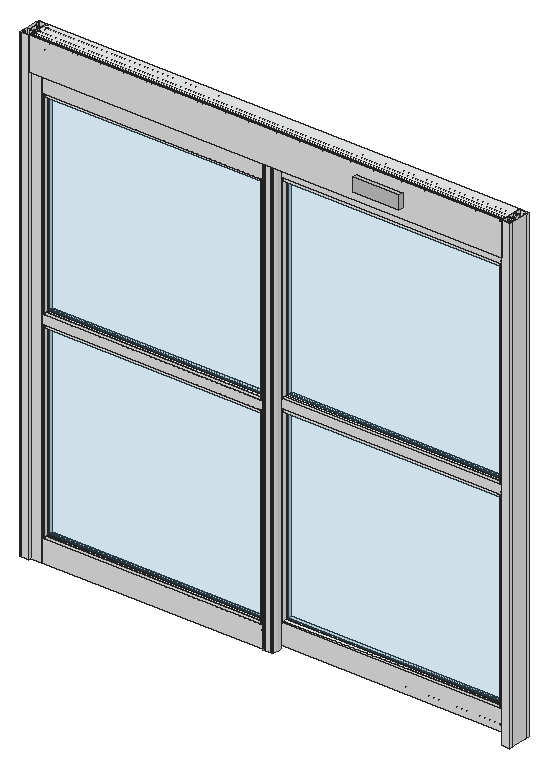
Revit family "2-5-1_Sliding-Door_TX9200SL_Single-RH-Outside-Slide-SX-O_Tormax", category Doors, host Wall, Revit 2026
Family settings
  Host = Wall
  Classification Number = 23.30.10.00
  Always vertical = Yes
  Cut with Voids When Loaded = No
  Shared = No
  Room Calculation Point = No
Parameters (values of type "8'-0" Package Width")
  Width = 96"
  URL = "https://www.tormaxusa.com"
  Thickness = 4 1/2"  # constant formula
  Specification = "https://www.arcat.com/company/tormax-usa-inc-43969/spec"
  Rough Width = Width + 1/2"  # 96 1/2"
  Rough Height = Height + 1/4"  # 92 1/4"
  Product Page URL = "https://www.arcat.com/arcatcos/cos43/arc43969.html"
  Model = "TX9200SL"
  Manufacturer = "Tormax"
  Keynote = "08 42 29"
  Height = 92"  # constant formula
  Glass = Glass - Tormax
  Frame Projection Ext. = 0"
  Frame Projection Int. = 0"
  Frame Width = 0"
  Wall Closure = By host
  Door Width = Width / 2 - 1 3/4" + 1 5/16"  # 47 9/16"
  Door Height = Height  # 92"
  Frame Material = Aluminum - Tormax
  Description = "Single RH Outside Slide Application (SX-O), 8'-0\" Package Width"
  Define Thermal Properties by = Schematic Type
  Copyright = "ARCAT"
  CAD Details = "https://www.arcat.com/company/tormax-usa-inc-43969/cad"
  Analytic Construction = "<None>"
Reference planes (in)
  plane 1 "Center (Front/Back)": y = 0
  plane 2 "Center (Left/Right)": x = 0
  plane 3 "Left": x = -48.25
  plane 4 "Right": x = 48.25
  plane 5 "Top": z = 92.25
  plane 6 "Exterior": y = 3
  plane 7 "Interior": y = -3
  plane 8: x = -1.3125
  plane 9: x = 1.3125
  plane 10: y = -2.25
  plane 11 "4": z = 85.5
  plane 12: x = -48
  plane 13: x = 48
  plane 14: z = 92
  plane 15: y = 2.25
  plane 16: x = -46.24908
  plane 17: x = 46.24908
  plane 18: y = 1.433
  plane 19: y = -0.84
  plane 20: x = 22.46829
Forms (in)
  Extrusion 1, solid, material "Plastic - Tormax - Grey"
    sketch origin (0, 0, 0) x (1, 0, 0) y (0, 0, 1)
      loop
        line (17.96829, 90.055) -> (17.96829, 87.445) -> (26.96829, 87.445) -> (26.96829, 90.055) -> (17.96829, 90.055)
    from 2.23457 to 3.23457
  Extrusion 2, solid, material "Plastic - Tormax - Grey"
    sketch origin (0, 0, 0) x (1, 0, 0) y (0, 0, 1)
      loop
        line (17.96829, 90.055) -> (17.96829, 87.445) -> (26.96829, 87.445) -> (26.96829, 90.055) -> (17.96829, 90.055)
    from -3.23036 to -2.23036
  Sweep 3, solid, material "Aluminum - Tormax" <- "Frame Material"
    path origin (0, 0, 0) x (1, 0, 0) y (0, 0, 1)
      loop
        line (-46.24908, 85.5) -> (46.24908, 85.5)
    profile origin (0, 0, 85.5) x (0, 0, 1) y (0, -1, 0)
      loop
        line (5.77619, -2.07466) -> (5.99221, -2.07466) -> (5.99221, -1.99751) -> (5.93513, -1.99751)
        arc (5.93513, -1.99751) -> (5.89217, -1.97971) -> (5.87438, -1.93675) r 0.06075
        line (5.87438, -1.93675) -> (5.87438, -1.35631) -> (6.14932, -1.35631) -> (6.14932, -1.4827) -> (6.22817, -1.4827)
        arc (6.22817, -1.4827) -> (6.39719, -1.79317) -> (6.34244, -2.14241) r 0.55026
        line (6.34244, -2.14241) -> (6.29099, -2.1562) -> (6.29099, -1.87738) -> (5.93246, -1.87738)
        arc (5.93246, -1.87738) -> (5.88314, -1.9267) -> (5.93246, -1.97602) r 0.04932
        line (5.93246, -1.97602) -> (6.03008, -1.97602) -> (6.03008, -2.10552) -> (0.40539, -2.10552) -> (0.40539, -1.68048) -> (0.28141, -1.68048) -> (0.28141, -2.23036) -> (6.5, -2.23036) -> (6.5, 1.72592) -> (6.37515, 1.85076) -> (6.37515, 2.08622)
        arc (6.37515, 2.08622) -> (6.39129, 2.10725) -> (6.41577, 2.09711) r 0.02177
        line (6.41577, 2.09711) -> (6.47243, 1.99896)
        arc (6.47243, 1.99896) -> (6.48905, 1.99208) -> (6.5, 2.00635) r 0.01477
        line (6.5, 2.00635) -> (6.5, 2.23457) -> (0, 2.23457) -> (0, -0.04489) -> (-0.21462, -0.04489) -> (-0.21462, -0.08837) -> (-0.15431, -0.08837) -> (-0.15431, -0.15851) -> (-0.48395, -0.15851) -> (-0.48395, -0.08837) -> (-0.42504, -0.08837) -> (-0.42504, -0.04489) -> (-0.62422, -0.04489) -> (-0.62422, -0.45028) -> (-0.42504, -0.45028) -> (-0.42504, -0.4068) -> (-0.48395, -0.4068) -> (-0.48395, -0.33666) -> (-0.15431, -0.33666) -> (-0.15431, -0.4068) -> (-0.21462, -0.4068) -> (-0.21462, -0.45028) -> (-0.01964, -0.45028) -> (-0.01964, -0.28897) -> (0.23145, -0.28897) -> (0.23145, -0.84785) -> (0.34867, -1.03258)
        arc (0.34867, -1.03258) -> (0.36443, -1.03854) -> (0.37455, -1.02507) r 0.01403
        line (0.37455, -1.02507) -> (0.37455, -0.21669)
        arc (0.37455, -0.21669) -> (0.40392, -0.14579) -> (0.47481, -0.11643) r 0.10026
        line (0.47481, -0.11643) -> (0.59196, -0.11643) -> (0.59196, -0.23145) -> (0.89635, -0.23145) -> (0.89635, -0.1529) -> (0.76309, -0.1529) -> (0.76309, -0.01262) -> (0.8697, -0.01262) -> (0.8697, 0.06867) -> (1.19934, 0.06867) -> (1.19934, -0.01262) -> (1.30595, -0.01262) -> (1.30595, -0.1529) -> (1.17269, -0.1529) -> (1.17269, -0.23145) -> (1.36206, -0.23145) -> (1.43332, -0.07864)
        arc (1.43332, -0.07864) -> (1.6158, 0.06179) -> (1.83569, -0.00654) r 0.25
        line (1.83569, -0.00654) -> (1.96422, -0.13365)
        arc (1.96422, -0.13365) -> (1.99627, -0.15695) -> (2.0338, -0.16963) r 0.13141
        line (2.0338, -0.16963) -> (2.11423, -0.18382)
        arc (2.11423, -0.18382) -> (2.2005, -0.23362) -> (2.23457, -0.32723) r 0.14562
        line (2.23457, -0.32723) -> (2.23457, -0.9202) -> (2.38466, -0.9202) -> (2.38466, 0.06733) -> (2.28156, 0.17043) -> (2.22615, 0.11502) -> (2.32086, 0.02032) -> (2.22127, -0.07928) -> (2.14619, -0.00421) -> (2.08868, -0.06172) -> (1.85512, 0.17184) -> (1.91264, 0.22935) -> (1.83689, 0.3051) -> (1.93648, 0.40469) -> (2.03117, 0.31001) -> (2.08658, 0.36541) -> (1.83128, 0.62071) -> (1.9456, 0.73504) -> (1.9456, 1.35354) -> (1.75483, 1.53331) -> (1.75483, 2.06344) -> (5.84651, 2.06344)
        arc (5.84651, 2.06344) -> (5.93664, 2.02611) -> (5.97397, 1.93598) r 0.12746
        line (5.97397, 1.93598) -> (5.97397, 1.7394) -> (6.05393, 1.7394) -> (6.05393, 1.87407) -> (6.1928, 1.87407) -> (6.1928, 1.76475) -> (6.24189, 1.76475) -> (6.24189, 1.43623) -> (6.1928, 1.43623) -> (6.1928, 1.3298) -> (6.05393, 1.3298) -> (6.05393, 1.46306) -> (5.97397, 1.46306) -> (5.97397, 1.25125) -> (6.27276, 1.25125) -> (6.27276, 1.32981)
        arc (6.27276, 1.32981) -> (6.30151, 1.35856) -> (6.33027, 1.32981) r 0.02876
        line (6.33027, 1.32981) -> (6.33027, 0.99434)
        arc (6.33027, 0.99434) -> (6.30151, 0.96559) -> (6.27276, 0.99434) r 0.02876
        line (6.27276, 0.99434) -> (6.27276, 1.0731) -> (5.97397, 1.0731) -> (5.97397, 0.85988) -> (6.05393, 0.85988) -> (6.05393, 0.99314) -> (6.1928, 0.99314) -> (6.1928, 0.88653) -> (6.33027, 0.88653) -> (6.33027, 0.55689) -> (6.1928, 0.55689) -> (6.1928, 0.45028) -> (6.05393, 0.45028) -> (6.05393, 0.58354) -> (5.97397, 0.58354) -> (5.97397, 0.37032) -> (6.27276, 0.37032) -> (6.27276, 0.44908)
        arc (6.27276, 0.44908) -> (6.30151, 0.47783) -> (6.33027, 0.44908) r 0.02876
        line (6.33027, 0.44908) -> (6.33027, 0.11503)
        arc (6.33027, 0.11503) -> (6.30151, 0.08627) -> (6.27276, 0.11503) r 0.02876
        line (6.27276, 0.11503) -> (6.27276, 0.19378) -> (5.97397, 0.19378) -> (5.97397, -0.01944) -> (6.05393, -0.01944) -> (6.05393, 0.11382) -> (6.1928, 0.11382) -> (6.1928, 0.00721) -> (6.33027, 0.00721) -> (6.33027, -0.32403) -> (6.1928, -0.32403) -> (6.1928, -0.42995) -> (6.05393, -0.42995) -> (6.05393, -0.29669) -> (5.97397, -0.29669) -> (5.97397, -0.53164) -> (6.03429, -0.53164) -> (6.03429, -0.64246) -> (6.11284, -0.64246) -> (6.11284, -0.53164) -> (6.25171, -0.53164) -> (6.25171, -1.15867) -> (6.06795, -1.15867) -> (6.03942, -1.11939) -> (5.97397, -1.11939) -> (5.97397, -1.1664)
        arc (5.97397, -1.1664) -> (5.95775, -1.20557) -> (5.91858, -1.22179) r 0.05539
        line (5.91858, -1.22179) -> (5.77619, -1.22179) -> (5.77619, -2.07466)
      loop
        line (0.07995, 1.86565) -> (0.07995, 0.39978) -> (0.26091, 0.39978) -> (0.26091, 0.28335) -> (0.3058, 0.2539) -> (0.3058, 0.03421) -> (0.47711, 0.03365) -> (0.7408, 0.21838) -> (1.4982, 0.21838) -> (1.69036, 0.25479) -> (1.69036, 0.66367) -> (1.33962, 0.66367) -> (1.33962, 0.89776) -> (1.41957, 0.89776) -> (1.41957, 0.76309) -> (1.55985, 0.76309) -> (1.55985, 0.8711) -> (1.75062, 0.8711) -> (1.75062, 1.20075) -> (1.55985, 1.20075) -> (1.55985, 1.30735) -> (1.41957, 1.30735) -> (1.41957, 1.17409) -> (1.33962, 1.17409) -> (1.33962, 1.38773) -> (1.5851, 1.38773) -> (1.5851, 2.06344) -> (0.30619, 2.06344) -> (0.30619, 1.97106) -> (0.26091, 1.94734) -> (0.26091, 1.86565) -> (0.07995, 1.86565)
      loop
        line (0.00561, -2.10973) -> (0.00561, -1.55985) -> (2.37204, -1.55985)
        arc (2.37204, -1.55985) -> (2.41952, -1.67959) -> (2.53701, -1.73239) r 0.17128
        line (2.53701, -1.73239) -> (2.78024, -1.73239) -> (2.78024, -1.49813) -> (2.70028, -1.49813) -> (2.70028, -1.63279) -> (2.56141, -1.63279) -> (2.56141, -1.52478) -> (2.46883, -1.52478) -> (2.46883, -1.19514) -> (2.56141, -1.19514) -> (2.56141, -1.08853) -> (2.70028, -1.08853) -> (2.70028, -1.22179) -> (2.78024, -1.22179) -> (2.78024, -0.98753) -> (2.53714, -0.98753)
        arc (2.53714, -0.98753) -> (2.41956, -1.04028) -> (2.37204, -1.16007) r 0.17128
        line (2.37204, -1.16007) -> (0.00631, -1.16007) -> (0.00631, -0.61019) -> (-0.98473, -0.61019) -> (-0.98473, -1.53213)
        arc (-0.98473, -1.53213) -> (-0.9181, -1.59876) -> (-0.85147, -1.53213) r 0.06663
        line (-0.85147, -1.53213) -> (-0.85147, -1.2004)
        arc (-0.85147, -1.2004) -> (-0.77362, -1.12255) -> (-0.69577, -1.2004) r 0.07785
        line (-0.69577, -1.2004) -> (-0.69577, -1.68329) -> (-0.67052, -1.92596) -> (-0.67052, -2.10973) -> (0.00561, -2.10973)
  Sweep 4, solid, material "Aluminum - Tormax" <- "Frame Material"
    path origin (0, 0, 0) x (1, 0, 0) y (0, 0, 1)
      loop
        line (-48, 92) -> (-48, 0)
    profile origin (-48, 0, 46) x (0, -1, 0) y (1, 0, 0)
      loop
        line (-2.25, 0) -> (-1.81515, 0) -> (-1.81515, 0.11322) -> (-1.69933, 0.11322)
        arc (-1.69933, 0.11322) -> (-1.69067, 0.15137) -> (-1.70596, 0.18738) r 0.06366
        line (-1.70596, 0.18738) -> (-1.81808, 0.18738)
        arc (-1.81808, 0.18738) -> (-1.86945, 0.1699) -> (-1.89951, 0.12472) r 0.08425
        line (-1.89951, 0.12472) -> (-2.12383, 0.12472) -> (-2.12383, 1.62444) -> (-1.01125, 1.62444)
        arc (-1.01125, 1.62444) -> (-0.97854, 1.4893) -> (-0.88136, 1.38986) r 0.2623
        line (-0.88136, 1.38986) -> (-0.88136, 0.87481)
        arc (-0.88136, 0.87481) -> (-0.81729, 0.72014) -> (-0.66261, 0.65607) r 0.21875
        line (-0.66261, 0.65607) -> (0.66817, 0.65607)
        arc (0.66817, 0.65607) -> (0.82039, 0.71912) -> (0.88344, 0.87134) r 0.21527
        line (0.88344, 0.87134) -> (0.88344, 1.39109)
        arc (0.88344, 1.39109) -> (0.97912, 1.49036) -> (1.01125, 1.62444) r 0.2623
        line (1.01125, 1.62444) -> (2.12383, 1.62444) -> (2.12383, 0.12472) -> (1.89951, 0.12472)
        arc (1.89951, 0.12472) -> (1.86945, 0.1699) -> (1.81808, 0.18738) r 0.08425
        line (1.81808, 0.18738) -> (1.71377, 0.18738)
        arc (1.71377, 0.18738) -> (1.69848, 0.15137) -> (1.70714, 0.11322) r 0.06366
        line (1.70714, 0.11322) -> (1.80734, 0.11322) -> (1.80734, 0) -> (2.25, 0) -> (2.25, 1.75092) -> (0.85905, 1.75092) -> (0.85905, 1.49159) -> (0.72205, 1.49159) -> (0.72205, 1.6564) -> (0.66591, 1.6564) -> (0.66591, 1.42631) -> (0.75855, 1.42631) -> (0.75855, 0.87892)
        arc (0.75855, 0.87892) -> (0.72992, 0.80981) -> (0.6608, 0.78118) r 0.09775
        line (0.6608, 0.78118) -> (-0.65544, 0.78118)
        arc (-0.65544, 0.78118) -> (-0.72688, 0.81077) -> (-0.75647, 0.88221) r 0.10104
        line (-0.75647, 0.88221) -> (-0.75647, 1.42631) -> (-0.65809, 1.42631) -> (-0.65809, 1.65835) -> (-0.72205, 1.65835) -> (-0.72205, 1.49159) -> (-0.85868, 1.49159) -> (-0.85868, 1.75092) -> (-2.25, 1.75092) -> (-2.25, 0)
      loop
        line (-1.77192, 0) -> (1.76565, 0) -> (1.76565, 0.07235) -> (1.60504, 0.07235) -> (1.60504, 0.18932) -> (1.6607, 0.18932) -> (1.59241, 0.37695)
        arc (1.59241, 0.37695) -> (1.54664, 0.39829) -> (1.52529, 0.35252) r 0.03571
        line (1.52529, 0.35252) -> (1.57291, 0.22167) -> (1.53738, 0.20277) -> (1.53738, 0.07235) -> (0.63819, 0.07235) -> (0.63819, 0.55414) -> (0.55418, 0.55414) -> (0.55418, 0.07235) -> (-1.53738, 0.07235) -> (-1.53738, 0.20277) -> (-1.57291, 0.22167) -> (-1.52529, 0.35252)
        arc (-1.52529, 0.35252) -> (-1.54664, 0.39829) -> (-1.59241, 0.37695) r 0.03571
        line (-1.59241, 0.37695) -> (-1.6607, 0.18932) -> (-1.60504, 0.18932) -> (-1.60504, 0.07235) -> (-1.77192, 0.07235) -> (-1.77192, 0)
      loop
        line (-0.57123, 1.42631) -> (-0.50727, 1.42631) -> (-0.50727, 1.69246) -> (0.50727, 1.69246) -> (0.50727, 1.42631) -> (0.57123, 1.42631) -> (0.57123, 1.69246) -> (0.72205, 1.69246) -> (0.72205, 1.75092) -> (-0.72205, 1.75092) -> (-0.72205, 1.69246) -> (-0.57123, 1.69246) -> (-0.57123, 1.42631)
  Sweep 5, solid, material "Aluminum - Tormax" <- "Frame Material"
    path origin (0, 0, 0) x (-1, 0, 0) y (0, 0, -1)
      loop
        line (-48, -92) -> (-48, 0)
    profile origin (48, 0, 46) x (0, -1, 0) y (1, 0, 0)
      loop
        line (-2.25, 0) -> (-2.25, -1.75092) -> (-0.85868, -1.75092) -> (-0.85868, -1.49159) -> (-0.72205, -1.49159) -> (-0.72205, -1.65835) -> (-0.65809, -1.65835) -> (-0.65809, -1.42631) -> (-0.75647, -1.42631) -> (-0.75647, -0.88221)
        arc (-0.75647, -0.88221) -> (-0.72688, -0.81077) -> (-0.65544, -0.78118) r 0.10104
        line (-0.65544, -0.78118) -> (0.6608, -0.78118)
        arc (0.6608, -0.78118) -> (0.72992, -0.80981) -> (0.75855, -0.87892) r 0.09775
        line (0.75855, -0.87892) -> (0.75855, -1.42631) -> (0.66591, -1.42631) -> (0.66591, -1.6564) -> (0.72205, -1.6564) -> (0.72205, -1.49159) -> (0.85905, -1.49159) -> (0.85905, -1.75092) -> (2.25, -1.75092) -> (2.25, 0) -> (1.80734, 0) -> (1.80734, -0.11322) -> (1.70714, -0.11322)
        arc (1.70714, -0.11322) -> (1.69848, -0.15137) -> (1.71377, -0.18738) r 0.06366
        line (1.71377, -0.18738) -> (1.81808, -0.18738)
        arc (1.81808, -0.18738) -> (1.86945, -0.1699) -> (1.89951, -0.12472) r 0.08425
        line (1.89951, -0.12472) -> (2.12383, -0.12472) -> (2.12383, -1.62444) -> (1.01125, -1.62444)
        arc (1.01125, -1.62444) -> (0.97912, -1.49036) -> (0.88344, -1.39109) r 0.2623
        line (0.88344, -1.39109) -> (0.88344, -0.87134)
        arc (0.88344, -0.87134) -> (0.82039, -0.71912) -> (0.66817, -0.65607) r 0.21527
        line (0.66817, -0.65607) -> (-0.66261, -0.65607)
        arc (-0.66261, -0.65607) -> (-0.81729, -0.72014) -> (-0.88136, -0.87481) r 0.21875
        line (-0.88136, -0.87481) -> (-0.88136, -1.38986)
        arc (-0.88136, -1.38986) -> (-0.97854, -1.4893) -> (-1.01125, -1.62444) r 0.2623
        line (-1.01125, -1.62444) -> (-2.12383, -1.62444) -> (-2.12383, -0.12472) -> (-1.89951, -0.12472)
        arc (-1.89951, -0.12472) -> (-1.86945, -0.1699) -> (-1.81808, -0.18738) r 0.08425
        line (-1.81808, -0.18738) -> (-1.70596, -0.18738)
        arc (-1.70596, -0.18738) -> (-1.69067, -0.15137) -> (-1.69933, -0.11322) r 0.06366
        line (-1.69933, -0.11322) -> (-1.81515, -0.11322) -> (-1.81515, 0) -> (-2.25, 0)
      loop
        line (-1.77192, 0) -> (-1.77192, -0.07235) -> (-1.60504, -0.07235) -> (-1.60504, -0.18932) -> (-1.6607, -0.18932) -> (-1.59241, -0.37695)
        arc (-1.59241, -0.37695) -> (-1.54664, -0.39829) -> (-1.52529, -0.35252) r 0.03571
        line (-1.52529, -0.35252) -> (-1.57291, -0.22167) -> (-1.53738, -0.20277) -> (-1.53738, -0.07235) -> (0.55418, -0.07235) -> (0.55418, -0.55414) -> (0.63819, -0.55414) -> (0.63819, -0.07235) -> (1.53738, -0.07235) -> (1.53738, -0.20277) -> (1.57291, -0.22167) -> (1.52529, -0.35252)
        arc (1.52529, -0.35252) -> (1.54664, -0.39829) -> (1.59241, -0.37695) r 0.03571
        line (1.59241, -0.37695) -> (1.6607, -0.18932) -> (1.60504, -0.18932) -> (1.60504, -0.07235) -> (1.76565, -0.07235) -> (1.76565, 0) -> (-1.77192, 0)
      loop
        line (-0.57123, -1.42631) -> (-0.57123, -1.69246) -> (-0.72205, -1.69246) -> (-0.72205, -1.75092) -> (0.72205, -1.75092) -> (0.72205, -1.69246) -> (0.57123, -1.69246) -> (0.57123, -1.42631) -> (0.50727, -1.42631) -> (0.50727, -1.69246) -> (-0.50727, -1.69246) -> (-0.50727, -1.42631) -> (-0.57123, -1.42631)
Lines and regions (in)
  Opening 1
    outline origin (-90, -3, 0) x (1, 0, 0) y (0, 0, 1)
      loop
        line (41.75, 0) -> (138.25, 0) -> (138.25, 92.25) -> (41.75, 92.25) -> (41.75, 0)
  symbolic lines
    curve 1: line (19.46829, 6.25114, 0) -> (20.76733, 7.00114, 0)
    curve 2: line (19.46829, 6.25114, 0) -> (20.76733, 5.50114, 0)
    curve 5: line (19.46829, 6.25114, 0) -> (22.46829, 6.25114, 0)
    curve 6: line (22.46829, 6.25114, 0) -> (25.46829, 6.25114, 0)
    curve 9: line (19.46829, 0, 48.75) -> (20.76733, 0, 49.5)
    curve 10: line (19.46829, 0, 48.75) -> (20.76733, 0, 48)
    curve 11: line (19.46829, 0, 48.75) -> (22.46829, 0, 48.75)
    curve 12: line (22.46829, 0, 48.75) -> (25.46829, 0, 48.75)
    curve 17: arc (-48.25, 2.25, 0) -> (-48.125, 2.20201, 0) -> (-48, 2.25, 0) r 0.1868
    curve 18: arc (-48.25, -2.25, 0) -> (-48.125, -2.20201, 0) -> (-48, -2.25, 0) r 0.1868
    curve 19: arc (48.25, 2.25, 0) -> (48.125, 2.20201, 0) -> (48, 2.25, 0) r 0.1868
    curve 20: arc (48.25, -2.25, 0) -> (48.125, -2.20201, 0) -> (48, -2.25, 0) r 0.1868
    curve 21: arc (0, -2.25, 92.25) -> (0, -2.20222, 92.125) -> (0, -2.25, 92) r 0.18739
    curve 22: arc (0, 2.25, 92.25) -> (0, 2.20222, 92.125) -> (0, 2.25, 92) r 0.18739
  symbolic lines, not visible
    curve 3: line (-27.55636, -4.55425, 0) -> (-26.25733, -3.80425, 0)
    curve 4: line (-27.55636, -4.55425, 0) -> (-26.25733, -5.30425, 0)
    curve 7: line (-27.55636, -4.55425, 0) -> (-24.55636, -4.55425, 0)
    curve 8: line (-24.55636, -4.55425, 0) -> (-21.55636, -4.55425, 0)
    curve 13: line (22.54055, 0, 51.7829) -> (23.83959, 0, 52.5329)
    curve 14: line (22.54055, 0, 51.7829) -> (23.83959, 0, 51.0329)
    curve 15: line (22.54055, 0, 51.7829) -> (25.54055, 0, 51.7829)
    curve 16: line (25.54055, 0, 51.7829) -> (28.54055, 0, 51.7829)
Text (in)
  text "Exterior" at (-113.21489, 18.10183, 0), in view "Ref. Level"
  text "Interior" at (-113.21489, -11.36704, 0), in view "Ref. Level"
  text "Exterior" at (0, 40.15149, 123.01588), in view "Right"
  text "Interior" at (0, -64.39139, 123.01588), in view "Right"
  text "Interior" at (0, -31.01599, 123.00693), in view "Left"
  text "Exterior" at (0, 54.57065, 123.00693), in view "Left"
Dimensions and locks (in)
  "Rough Height": host wall to plane 5 "Top"
  equal spacing: plane 3 "Left", plane 2 "Center (Left/Right)", plane 4 "Right"
  level to plane 5 "Top" = 92 1/4"
  "Rough Width": plane 3 "Left" to plane 4 "Right"
  equal spacing: plane 12, plane 2 "Center (Left/Right)", plane 13
  "Width": plane 12 to plane 13
  "Door Height": plane 14 to level
  plane 14 to plane 11 "4" = 6 1/2"
  plane 11 "4" to level = 85 1/2"
  locked: plane 12 to plane 16 at 1.75092
  locked: plane 17 to plane 13 at 1.75092
  equal spacing: plane 8, plane 2 "Center (Left/Right)", plane 9
  locked: plane 8 to plane 9 at 2.625
  plane 2 "Center (Left/Right)" to plane 9 = 1 5/16"
  locked: plane 10 to plane 19 at 1.41
  locked: plane 18 to plane 15 at 0.817
  locked: plane 15 to curve 6 at 4.00114
  Extrusion 1 sketch curve to plane 20 to Extrusion 1 sketch curve = 4 1/2" locked, 4 1/2" locked
  Extrusion 1 sketch curve to Extrusion 1 sketch curve to plane 11 "4" = 2.61" locked, 1.945" locked
  equal spacing: plane 8, plane 20, plane 17
  Extrusion 2 sketch curve to Extrusion 2 sketch curve = 9"
  locked: Extrusion 2 sketch curve to Extrusion 2 sketch curve at 2.61
  Extrusion 1 to plane 10 = 0.98457"
  plane 15 to Extrusion 2 = 0.98036"
  locked: Extrusion 1 to plane 10 at 0.98457
  locked: plane 15 to Extrusion 2 at 0.98036
  aligned and locked: Opening 1 sketch curve to level
  aligned and locked: plane 6 "Exterior" to host wall
  aligned and locked: plane 7 "Interior" to host wall
  aligned and locked: Opening 1 sketch curve to plane 3 "Left"
  aligned and locked: Opening 1 sketch curve to plane 4 "Right"
  aligned and locked: plane 5 "Top" to Opening 1 sketch curve
  aligned and locked: nested 1 to plane 16
  aligned and locked: nested 2 to plane 8
  aligned and locked: plane 3 "Left" to curve 17
  aligned and locked: plane 15 to curve 17  (x2)
  aligned and locked: plane 12 to curve 17
  aligned and locked: plane 10 to curve 18  (x2)
  aligned and locked: plane 12 to curve 18
  aligned and locked: plane 3 "Left" to curve 18
  aligned and locked: plane 13 to curve 19
  aligned and locked: plane 4 "Right" to curve 19
  aligned and locked: plane 15 to curve 19  (x2)
  aligned and locked: plane 10 to curve 20  (x2)
  aligned and locked: plane 13 to curve 20
  aligned and locked: plane 4 "Right" to curve 20
  aligned and locked: plane 5 "Top" to curve 21
  aligned and locked: plane 14 to curve 21
  aligned and locked: plane 10 to curve 21  (x2)
  aligned and locked: plane 5 "Top" to curve 22
  aligned and locked: plane 15 to curve 22  (x2)
  aligned and locked: plane 14 to curve 22
  aligned and locked: plane 20 to curve 12
  aligned and locked: plane 20 to curve 6
  aligned and locked: plane 14 to Sweep 3 sketch curve
  aligned and locked: plane 11 "4" to Sweep 3 sketch curve
  aligned and locked: Sweep 4 sketch curve to plane 16  (x3)
  aligned and locked: plane 12 to Sweep 4 sketch curve  (x3)
  aligned and locked: plane 13 to Sweep 5 sketch curve  (x3)
  aligned and locked: plane 17 to Sweep 5 sketch curve  (x3)
  aligned and locked: plane 10 to Sweep 5 sketch curve
  aligned and locked: Sweep 5 sketch curve to plane 15
  aligned and locked: plane 15 to Sweep 4 sketch curve
  aligned and locked: Sweep 4 sketch curve to plane 10
  aligned and locked: Sweep 5 sketch curve to plane 13
  aligned and locked: plane 14 to Sweep 5 sketch curve
Automatic sketch dimensions
  curve 1 to curve 2 = 0"
  curve 2 to curve 5 = 1.70096"
  curve 2 to curve 1 = 1 1/2"
  curve 1 to curve 6 = 3"
  curve 5 to curve 6 = 3"
  curve 2 to curve 1 = 3/4"
  curve 3 to curve 4 = 0"
  curve 4 to curve 7 = 1.70096"
  curve 4 to curve 3 = 1 1/2"
  curve 3 to curve 8 = 3"
  curve 7 to curve 8 = 3"
  curve 4 to curve 3 = 3/4"
  plane 10 to curve 18 = 0.13881"
  plane 10 to curve 20 = 0.13881"
  curve 19 to plane 15 = 0.13881"
  curve 17 to plane 15 = 0.13881"
  plane 10 to curve 21 = 0.1396"
  curve 22 to plane 15 = 0.1396"
  Extrusion 2 sketch curve to plane 11 "4" = 1.945"
  plane 20 to Extrusion 2 sketch curve = 4 1/2"
  Sweep 3 sketch curve to plane 11 "4" = 0"
  Sweep 3 sketch curve to plane 16 = 0"
  plane 17 to Sweep 3 sketch curve = 0"
  profile plane to Sweep 3 sketch curve = 0.01964"
  profile plane to Sweep 3 sketch curve = 0.15431"
  Sweep 3 sketch curve to Sweep 3 sketch curve = 0.13466"  (x3)
  Sweep 3 sketch curve to Sweep 3 sketch curve = 0.06032"  (x3)
  Sweep 3 sketch curve to plane 1 "Center (Front/Back)" = 0.08837"
  Sweep 3 sketch curve to Sweep 3 sketch curve = 0.21041"  (x2)
  Sweep 3 sketch curve to Sweep 3 sketch curve = 0.05891"  (x2)
  Sweep 3 sketch curve to plane 1 "Center (Front/Back)" = 0.04489"  (x2)
  Sweep 3 sketch curve to Sweep 3 sketch curve = 0.14027"  (x2)
  profile plane to Sweep 3 sketch curve = 0.67052"
  Sweep 3 sketch curve to Sweep 3 sketch curve = 0.02525"  (x2)
  Sweep 3 sketch curve to Sweep 3 sketch curve = 0.07785"
  Sweep 3 sketch curve to Sweep 3 sketch curve = 0.06663"
  Sweep 3 sketch curve to profile plane = 0.00561"
  Sweep 3 sketch curve to profile plane = 0.00631"
  Sweep 3 sketch curve to profile plane = 0.07995"  (x2)
  Sweep 3 sketch curve to profile plane = 0.23145"
  Sweep 3 sketch curve to Sweep 3 sketch curve = 0.18095"  (x2)
  Sweep 3 sketch curve to profile plane = 0.28141"
  Sweep 3 sketch curve to Sweep 3 sketch curve = 0.04489"
  Sweep 3 sketch curve to Sweep 3 sketch curve = 0.04528"
  Sweep 3 sketch curve to Sweep 3 sketch curve = 0.11722"
  Sweep 3 sketch curve to Sweep 3 sketch curve = 0.01185"
  Sweep 3 sketch curve to Sweep 3 sketch curve = 0.01403"
  Sweep 3 sketch curve to Sweep 3 sketch curve = 0.12398"
  Sweep 3 sketch curve to Sweep 3 sketch curve = 0.10026"
  plane 1 "Center (Front/Back)" to Sweep 3 sketch curve = 0.03365"
  Sweep 3 sketch curve to Sweep 3 sketch curve = 0.0023"
  Sweep 3 sketch curve to Sweep 3 sketch curve = 0.11715"
  plane 1 "Center (Front/Back)" to Sweep 3 sketch curve = 0.21838"
  Sweep 3 sketch curve to Sweep 3 sketch curve = 0.26369"
  Sweep 3 sketch curve to plane 1 "Center (Front/Back)" = 0.01262"  (x2)
  Sweep 3 sketch curve to Sweep 3 sketch curve = 0.17113"
  Sweep 3 sketch curve to Sweep 3 sketch curve = 0.10661"  (x4)
  Sweep 3 sketch curve to Sweep 3 sketch curve = 0.13326"  (x5)
  Sweep 3 sketch curve to Sweep 3 sketch curve = 0.27634"  (x5)
  Sweep 3 sketch curve to Sweep 3 sketch curve = 0.02665"  (x3)
  Sweep 3 sketch curve to Sweep 3 sketch curve = 0"  (x9)
  Sweep 3 sketch curve to plane 1 "Center (Front/Back)" = 0.23145"
  Sweep 3 sketch curve to Sweep 3 sketch curve = 0.05611"
  Sweep 3 sketch curve to Sweep 3 sketch curve = 0.07996"  (x17)
  Sweep 3 sketch curve to plane 1 "Center (Front/Back)" = 0.07864"
  Sweep 3 sketch curve to Sweep 3 sketch curve = 0.12737"
  Sweep 3 sketch curve to Sweep 3 sketch curve = 0.19224"
  Sweep 3 sketch curve to Sweep 3 sketch curve = 0.14028"  (x2)
  Sweep 3 sketch curve to Sweep 3 sketch curve = 29/128"
  Sweep 3 sketch curve to Sweep 3 sketch curve = 0.13051"
  Sweep 3 sketch curve to Sweep 3 sketch curve = 0.19077"
  Sweep 3 sketch curve to Sweep 3 sketch curve = 0.16973"
  plane 1 "Center (Front/Back)" to Sweep 3 sketch curve = 0.62071"
  Sweep 3 sketch curve to Sweep 3 sketch curve = 0.14093"
  Sweep 3 sketch curve to plane 1 "Center (Front/Back)" = 0.00654"
  Sweep 3 sketch curve to Sweep 3 sketch curve = 45/256"
  Sweep 3 sketch curve to Sweep 3 sketch curve = 0.14653"
  plane 1 "Center (Front/Back)" to Sweep 3 sketch curve = 0.17184"
  Sweep 3 sketch curve to Sweep 3 sketch curve = 0.01823"
  plane 1 "Center (Front/Back)" to Sweep 3 sketch curve = 0.22935"
  Sweep 3 sketch curve to Sweep 3 sketch curve = 0.05751"
  plane 1 "Center (Front/Back)" to Sweep 3 sketch curve = 0.40469"
  Sweep 3 sketch curve to Sweep 3 sketch curve = 0.19498"
  Sweep 3 sketch curve to plane 1 "Center (Front/Back)" = 0.13365"
  Sweep 3 sketch curve to Sweep 3 sketch curve = 0.12852"
  plane 1 "Center (Front/Back)" to Sweep 3 sketch curve = 0.31001"
  Sweep 3 sketch curve to plane 1 "Center (Front/Back)" = 0.16963"
  Sweep 3 sketch curve to Sweep 3 sketch curve = 0.06959"
  Sweep 3 sketch curve to plane 1 "Center (Front/Back)" = 0.04022"
  Sweep 3 sketch curve to plane 1 "Center (Front/Back)" = 0.06172"
  Sweep 3 sketch curve to Sweep 3 sketch curve = 0.05514"
  Sweep 3 sketch curve to plane 1 "Center (Front/Back)" = 0.18382"
  Sweep 3 sketch curve to Sweep 3 sketch curve = 0.08043"
  Sweep 3 sketch curve to plane 1 "Center (Front/Back)" = 0.00421"
  Sweep 3 sketch curve to plane 1 "Center (Front/Back)" = 0.07928"
  plane 1 "Center (Front/Back)" to Sweep 3 sketch curve = 0.11502"
  Sweep 3 sketch curve to Sweep 3 sketch curve = 0.14562"
  plane 1 "Center (Front/Back)" to Sweep 3 sketch curve = 0.17043"
  Sweep 3 sketch curve to Sweep 3 sketch curve = 0.13747"  (x2)
  Sweep 3 sketch curve to Sweep 3 sketch curve = 0.15009"
  Sweep 3 sketch curve to Sweep 3 sketch curve = 0.09679"
  Sweep 3 sketch curve to Sweep 3 sketch curve = 0.06818"
  Sweep 3 sketch curve to Sweep 3 sketch curve = 0.15248"
  Sweep 3 sketch curve to Sweep 3 sketch curve = 0.07449"  (x2)
  Sweep 3 sketch curve to Sweep 3 sketch curve = 0.01809"  (x2)
  Sweep 3 sketch curve to Sweep 3 sketch curve = 0.13887"  (x8)
  Sweep 3 sketch curve to Sweep 3 sketch curve = 0.72381"
  Sweep 3 sketch curve to Sweep 3 sketch curve = 0.65349"
  Sweep 3 sketch curve to Sweep 3 sketch curve = 0.07881"
  Sweep 3 sketch curve to Sweep 3 sketch curve = 0.09819"
  Sweep 3 sketch curve to Sweep 3 sketch curve = 0.1424"
  Sweep 3 sketch curve to Sweep 3 sketch curve = 0.05808"
  Sweep 3 sketch curve to Sweep 3 sketch curve = 0.00267"
  Sweep 3 sketch curve to Sweep 3 sketch curve = 0.05539"
  plane 1 "Center (Front/Back)" to Sweep 3 sketch curve = 0.58354"
  Sweep 3 sketch curve to Sweep 3 sketch curve = 0.52603"
  Sweep 3 sketch curve to plane 1 "Center (Front/Back)" = 0.01944"
  Sweep 3 sketch curve to Sweep 3 sketch curve = 0.12746"
  Sweep 3 sketch curve to Sweep 3 sketch curve = 0.05708"
  Sweep 3 sketch curve to Sweep 3 sketch curve = 0.03787"
  Sweep 3 sketch curve to Sweep 3 sketch curve = 0.06545"
  Sweep 3 sketch curve to Sweep 3 sketch curve = 0.02854"
  Sweep 3 sketch curve to Sweep 3 sketch curve = 0.07855"  (x4)
  Sweep 3 sketch curve to Sweep 3 sketch curve = 0.27494"
  plane 1 "Center (Front/Back)" to Sweep 3 sketch curve = 0.00721"
  Sweep 3 sketch curve to Sweep 3 sketch curve = 0.07885"
  Sweep 3 sketch curve to Sweep 3 sketch curve = 0.0491"
  Sweep 3 sketch curve to Sweep 3 sketch curve = 0.18376"  (x2)
  Sweep 3 sketch curve to plane 1 "Center (Front/Back)" = 2.1562"
  Sweep 3 sketch curve to Sweep 3 sketch curve = 0.20901"
  Sweep 3 sketch curve to Sweep 3 sketch curve = 0.02876"  (x2)
  Sweep 3 sketch curve to plane 1 "Center (Front/Back)" = 2.14241"
  Sweep 3 sketch curve to Sweep 3 sketch curve = 0.05145"
  Sweep 3 sketch curve to Sweep 3 sketch curve = 0.18236"
  Sweep 3 sketch curve to Sweep 3 sketch curve = 0.02177"
  plane 1 "Center (Front/Back)" to Sweep 3 sketch curve = 2.09711"
  Sweep 3 sketch curve to Sweep 3 sketch curve = 0.01885"
  plane 1 "Center (Front/Back)" to Sweep 3 sketch curve = 1.99896"
  Sweep 3 sketch curve to Sweep 3 sketch curve = 0.05666"
  Sweep 3 sketch curve to Sweep 3 sketch curve = 0.01279"
  Sweep 3 sketch curve to Sweep 3 sketch curve = 0.01477"
  Sweep 3 sketch curve to Sweep 3 sketch curve = 0.08795"
  Sweep 3 sketch curve to Sweep 3 sketch curve = 0.12064"
  Sweep 3 sketch curve to Sweep 3 sketch curve = 0.12484"
  Sweep 3 sketch curve to Sweep 3 sketch curve = 0.03086"
  Sweep 3 sketch curve to Sweep 3 sketch curve = 0.07715"
  Sweep 3 sketch curve to Sweep 3 sketch curve = 0.02148"
  Sweep 3 sketch curve to Sweep 3 sketch curve = 0.01005"
  Sweep 3 sketch curve to Sweep 3 sketch curve = 0.04966"
  Sweep 3 sketch curve to Sweep 3 sketch curve = 1.40516"
  Sweep 3 sketch curve to Sweep 3 sketch curve = 0.24267"
  Sweep 3 sketch curve to Sweep 3 sketch curve = 0.42503"
  Sweep 3 sketch curve to Sweep 3 sketch curve = 0.09959"
  Sweep 3 sketch curve to Sweep 3 sketch curve = 0.07158"
  Sweep 3 sketch curve to Sweep 3 sketch curve = 0.15116"
  Sweep 3 sketch curve to Sweep 3 sketch curve = 0.03644"  (x2)
  Sweep 3 sketch curve to Sweep 3 sketch curve = 0.12639"
  Sweep 3 sketch curve to Sweep 3 sketch curve = 0.13452"
  Sweep 3 sketch curve to Sweep 3 sketch curve = 0.33173"
  Sweep 3 sketch curve to Sweep 3 sketch curve = 0.39978"
  Sweep 3 sketch curve to Sweep 3 sketch curve = 0.00774"
  Sweep 3 sketch curve to Sweep 3 sketch curve = 0.04701"
  Sweep 3 sketch curve to Sweep 3 sketch curve = 0.101"
  Sweep 3 sketch curve to Sweep 3 sketch curve = 0.12748"
  Sweep 3 sketch curve to Sweep 3 sketch curve = 0.06733"
  Sweep 3 sketch curve to Sweep 3 sketch curve = 0.18473"
  Sweep 3 sketch curve to Sweep 3 sketch curve = 0.47693"
  Sweep 3 sketch curve to Sweep 3 sketch curve = 0.59021"
  Sweep 3 sketch curve to Sweep 3 sketch curve = 0.11082"  (x2)
  Sweep 3 sketch curve to Sweep 3 sketch curve = 0.3619"
  Sweep 3 sketch curve to Sweep 3 sketch curve = 0.10169"
  Sweep 3 sketch curve to Sweep 3 sketch curve = 0.04348"  (x2)
  Sweep 3 sketch curve to Sweep 3 sketch curve = 0.07014"  (x3)
  Sweep 3 sketch curve to Sweep 3 sketch curve = 0.10591"
  Sweep 3 sketch curve to plane 1 "Center (Front/Back)" = 0.28897"
  Sweep 3 sketch curve to Sweep 3 sketch curve = 0.21883"
  Sweep 3 sketch curve to Sweep 3 sketch curve = 0.07228"
  plane 1 "Center (Front/Back)" to Sweep 3 sketch curve = 0.03421"
  plane 1 "Center (Front/Back)" to Sweep 3 sketch curve = 0.06867"
  Sweep 3 sketch curve to Sweep 3 sketch curve = 0.0012"  (x2)
  Sweep 3 sketch curve to Sweep 3 sketch curve = 0.21969"
  Sweep 3 sketch curve to Sweep 3 sketch curve = 0.0503"
  Sweep 3 sketch curve to Sweep 3 sketch curve = 0.02946"
  Sweep 3 sketch curve to Sweep 3 sketch curve = 0.17654"
  Sweep 3 sketch curve to Sweep 3 sketch curve = 0.11643"
  Sweep 3 sketch curve to Sweep 3 sketch curve = 0.07876"
  Sweep 3 sketch curve to Sweep 3 sketch curve = 11/256"
  Sweep 3 sketch curve to Sweep 3 sketch curve = 0.09942"
  Sweep 3 sketch curve to Sweep 3 sketch curve = 0.10801"
  Sweep 3 sketch curve to Sweep 3 sketch curve = 0.10781"
  Sweep 3 sketch curve to Sweep 3 sketch curve = 0.32964"
  Sweep 3 sketch curve to Sweep 3 sketch curve = 0.17815"
  Sweep 3 sketch curve to Sweep 3 sketch curve = 0.07856"
  Sweep 3 sketch curve to Sweep 3 sketch curve = 0.15279"
  Sweep 3 sketch curve to Sweep 3 sketch curve = 0.08038"
  Sweep 3 sketch curve to Sweep 3 sketch curve = 0.10643"
  Sweep 3 sketch curve to Sweep 3 sketch curve = 0.14557"
  Sweep 3 sketch curve to Sweep 3 sketch curve = 0.27305"
  Sweep 3 sketch curve to Sweep 3 sketch curve = 0.02535"
  Sweep 3 sketch curve to Sweep 3 sketch curve = 0.08601"
  Sweep 3 sketch curve to Sweep 3 sketch curve = 0.47792"
  Sweep 3 sketch curve to Sweep 3 sketch curve = 0.10932"
  Sweep 3 sketch curve to Sweep 3 sketch curve = 0.06191"
  Sweep 3 sketch curve to Sweep 3 sketch curve = 0.08169"
  Sweep 3 sketch curve to Sweep 3 sketch curve = 0.02372"
  Sweep 3 sketch curve to Sweep 3 sketch curve = 0.13746"
  Sweep 4 sketch curve to level = 0"
  Sweep 4 sketch curve to plane 12 = 0"
  Sweep 4 sketch curve to plane 14 = 0"
  Sweep 4 sketch curve to Sweep 4 sketch curve = 0.12617"  (x2)
  Sweep 4 sketch curve to profile plane = 0.12472"
  Sweep 4 sketch curve to Sweep 4 sketch curve = 0.22432"  (x2)
  Sweep 4 sketch curve to Sweep 4 sketch curve = 0.08144"  (x2)
  Sweep 4 sketch curve to Sweep 4 sketch curve = 0.00293"
  Sweep 4 sketch curve to Sweep 4 sketch curve = 0.04323"
  Sweep 4 sketch curve to Sweep 4 sketch curve = 0.06108"
  Sweep 4 sketch curve to Sweep 4 sketch curve = 0.04812"
  Sweep 4 sketch curve to Sweep 4 sketch curve = 0.05475"  (x2)
  Sweep 4 sketch curve to profile plane = 0.18932"  (x2)
  Sweep 4 sketch curve to Sweep 4 sketch curve = 0.04525"
  Sweep 4 sketch curve to Sweep 4 sketch curve = 0.09429"
  Sweep 4 sketch curve to profile plane = 0.37695"  (x2)
  Sweep 4 sketch curve to Sweep 4 sketch curve = 0.01262"
  Sweep 4 sketch curve to profile plane = 0.22167"  (x2)
  Sweep 4 sketch curve to Sweep 4 sketch curve = 0.03212"  (x2)
  Sweep 4 sketch curve to Sweep 4 sketch curve = 0.03356"  (x4)
  Sweep 4 sketch curve to Sweep 4 sketch curve = 0.06766"
  Sweep 4 sketch curve to profile plane = 0.35252"  (x2)
  Sweep 4 sketch curve to plane 1 "Center (Front/Back)" = 1.01125"
  Sweep 4 sketch curve to Sweep 4 sketch curve = 0.12989"
  Sweep 4 sketch curve to Sweep 4 sketch curve = 0.15256"
  Sweep 4 sketch curve to Sweep 4 sketch curve = 0.10221"
  Sweep 4 sketch curve to Sweep 4 sketch curve = 0.10961"
  Sweep 4 sketch curve to Sweep 4 sketch curve = 0.02702"  (x2)
  Sweep 4 sketch curve to Sweep 4 sketch curve = 0"  (x7)
  Sweep 4 sketch curve to Sweep 4 sketch curve = 0.09386"
  Sweep 4 sketch curve to Sweep 4 sketch curve = 0.06396"  (x3)
  Sweep 4 sketch curve to Sweep 4 sketch curve = 0.00718"
  Sweep 4 sketch curve to Sweep 4 sketch curve = 0.08686"
  plane 1 "Center (Front/Back)" to Sweep 4 sketch curve = 0.50727"
  Sweep 4 sketch curve to profile plane = 0.07235"  (x2)
  plane 1 "Center (Front/Back)" to Sweep 4 sketch curve = 0.55418"
  Sweep 4 sketch curve to Sweep 4 sketch curve = 0.084"
  Sweep 4 sketch curve to Sweep 4 sketch curve = 0.02262"
  Sweep 4 sketch curve to Sweep 4 sketch curve = 0.09468"
  Sweep 4 sketch curve to Sweep 4 sketch curve = 0.02998"
  Sweep 4 sketch curve to Sweep 4 sketch curve = 0.05614"
  Sweep 4 sketch curve to Sweep 4 sketch curve = 0.0365"
  Sweep 4 sketch curve to Sweep 4 sketch curve = 0.10049"  (x2)
  Sweep 4 sketch curve to Sweep 4 sketch curve = 0.02439"
  Sweep 4 sketch curve to Sweep 4 sketch curve = 0.1522"
  Sweep 4 sketch curve to Sweep 4 sketch curve = 0.01209"
  Sweep 4 sketch curve to Sweep 4 sketch curve = 0.03554"
  Sweep 4 sketch curve to Sweep 4 sketch curve = 0.05567"
  Sweep 4 sketch curve to Sweep 4 sketch curve = 0.04643"
  Sweep 4 sketch curve to Sweep 4 sketch curve = 0.05307"
  Sweep 4 sketch curve to Sweep 4 sketch curve = 0.05852"
  Sweep 4 sketch curve to Sweep 4 sketch curve = 0.04168"
  Sweep 4 sketch curve to Sweep 4 sketch curve = 0.01074"
  Sweep 4 sketch curve to Sweep 4 sketch curve = 0.03079"  (x2)
  Sweep 4 sketch curve to Sweep 4 sketch curve = 0.01009"  (x2)
  Sweep 4 sketch curve to Sweep 4 sketch curve = 0.02159"
  Sweep 4 sketch curve to Sweep 4 sketch curve = 0.0189"  (x2)
  Sweep 4 sketch curve to Sweep 4 sketch curve = 0.4818"
  Sweep 4 sketch curve to profile plane = 0.65607"
  Sweep 4 sketch curve to Sweep 4 sketch curve = 0.09016"
  Sweep 4 sketch curve to Sweep 4 sketch curve = 0.36106"
  Sweep 4 sketch curve to Sweep 4 sketch curve = 0.35983"
  Sweep 4 sketch curve to Sweep 4 sketch curve = 0.03645"
  Sweep 4 sketch curve to Sweep 4 sketch curve = 0.03522"
  Sweep 4 sketch curve to Sweep 4 sketch curve = 0.10172"
  Sweep 4 sketch curve to Sweep 4 sketch curve = 0.12477"  (x2)
  Sweep 4 sketch curve to Sweep 4 sketch curve = 0.04004"
  Sweep 4 sketch curve to Sweep 4 sketch curve = 0.04199"
  Sweep 4 sketch curve to Sweep 4 sketch curve = 0.03606"
  Sweep 4 sketch curve to Sweep 4 sketch curve = 0.03411"
  Sweep 5 sketch curve to level = 0"
  Sweep 5 sketch curve to Sweep 5 sketch curve = 0.12617"  (x2)
  profile plane to Sweep 5 sketch curve = 0.12472"  (x2)
  Sweep 5 sketch curve to Sweep 5 sketch curve = 0.22432"  (x2)
  Sweep 5 sketch curve to Sweep 5 sketch curve = 0.08144"  (x2)
  Sweep 5 sketch curve to Sweep 5 sketch curve = 0.00293"
  Sweep 5 sketch curve to Sweep 5 sketch curve = 0.04323"
  Sweep 5 sketch curve to Sweep 5 sketch curve = 0.06108"
  Sweep 5 sketch curve to Sweep 5 sketch curve = 0.04812"
  Sweep 5 sketch curve to Sweep 5 sketch curve = 0.05475"  (x2)
  profile plane to Sweep 5 sketch curve = 0.18932"  (x2)
  Sweep 5 sketch curve to Sweep 5 sketch curve = 0.04525"
  Sweep 5 sketch curve to Sweep 5 sketch curve = 0.09429"
  profile plane to Sweep 5 sketch curve = 0.37695"  (x2)
  Sweep 5 sketch curve to Sweep 5 sketch curve = 0.01262"
  profile plane to Sweep 5 sketch curve = 0.22167"  (x2)
  Sweep 5 sketch curve to Sweep 5 sketch curve = 0.03212"  (x2)
  Sweep 5 sketch curve to Sweep 5 sketch curve = 0.03356"  (x4)
  Sweep 5 sketch curve to Sweep 5 sketch curve = 0.06766"
  profile plane to Sweep 5 sketch curve = 0.35252"  (x2)
  Sweep 5 sketch curve to plane 1 "Center (Front/Back)" = 1.01125"
  Sweep 5 sketch curve to Sweep 5 sketch curve = 0.12989"
  Sweep 5 sketch curve to Sweep 5 sketch curve = 0.15256"
  Sweep 5 sketch curve to Sweep 5 sketch curve = 0.10221"
  Sweep 5 sketch curve to Sweep 5 sketch curve = 0.10961"
  Sweep 5 sketch curve to Sweep 5 sketch curve = 0.02702"  (x2)
  Sweep 5 sketch curve to Sweep 5 sketch curve = 0"  (x5)
  Sweep 5 sketch curve to Sweep 5 sketch curve = 0.09386"
  Sweep 5 sketch curve to Sweep 5 sketch curve = 0.06396"  (x3)
  Sweep 5 sketch curve to Sweep 5 sketch curve = 0.00718"
  Sweep 5 sketch curve to Sweep 5 sketch curve = 0.08686"
  plane 1 "Center (Front/Back)" to Sweep 5 sketch curve = 0.50727"
  profile plane to Sweep 5 sketch curve = 0.07235"
  Sweep 5 sketch curve to Sweep 5 sketch curve = 0.084"
  Sweep 5 sketch curve to Sweep 5 sketch curve = 0.02262"
  Sweep 5 sketch curve to Sweep 5 sketch curve = 0.09468"
  Sweep 5 sketch curve to Sweep 5 sketch curve = 0.02998"
  Sweep 5 sketch curve to Sweep 5 sketch curve = 0.05614"
  Sweep 5 sketch curve to Sweep 5 sketch curve = 0.0365"
  Sweep 5 sketch curve to Sweep 5 sketch curve = 0.10049"  (x2)
  Sweep 5 sketch curve to Sweep 5 sketch curve = 0.02439"
  Sweep 5 sketch curve to Sweep 5 sketch curve = 0.1522"
  Sweep 5 sketch curve to Sweep 5 sketch curve = 0.01209"
  Sweep 5 sketch curve to Sweep 5 sketch curve = 0.03554"
  Sweep 5 sketch curve to Sweep 5 sketch curve = 0.05567"
  Sweep 5 sketch curve to Sweep 5 sketch curve = 0.04643"
  Sweep 5 sketch curve to Sweep 5 sketch curve = 0.05307"
  Sweep 5 sketch curve to Sweep 5 sketch curve = 0.05852"
  Sweep 5 sketch curve to Sweep 5 sketch curve = 0.04168"  (x3)
  Sweep 5 sketch curve to Sweep 5 sketch curve = 0.01074"
  Sweep 5 sketch curve to Sweep 5 sketch curve = 0.4818"
  Sweep 5 sketch curve to Sweep 5 sketch curve = 0.10192"
  Sweep 5 sketch curve to Sweep 5 sketch curve = 0.09364"
  Sweep 5 sketch curve to Sweep 5 sketch curve = 0.51975"
  Sweep 5 sketch curve to Sweep 5 sketch curve = 0.03522"
  Sweep 5 sketch curve to Sweep 5 sketch curve = 0.03645"  (x2)
  Sweep 5 sketch curve to Sweep 5 sketch curve = 0.06528"
  Sweep 5 sketch curve to Sweep 5 sketch curve = 0.12477"  (x2)
  Sweep 5 sketch curve to Sweep 5 sketch curve = 0.04004"
  Sweep 5 sketch curve to Sweep 5 sketch curve = 0.04199"
  Sweep 5 sketch curve to Sweep 5 sketch curve = 0.03606"
  Sweep 5 sketch curve to Sweep 5 sketch curve = 0.03411"
  Sweep 5 sketch curve to Sweep 5 sketch curve = 0.05846"  (x2)
  Sweep 5 sketch curve to Sweep 5 sketch curve = 0.0189"  (x2)
  Sweep 5 sketch curve to Sweep 5 sketch curve = 0.00194"  (x2)
  Sweep 5 sketch curve to Sweep 5 sketch curve = 0.04088"
  Sweep 5 sketch curve to Sweep 5 sketch curve = 0.03079"
Nested families (in)
  nested 1: "Door-Sliding-Tormax-Panel-O" at (-22.46783, -0.84, 0), type "Door-Sliding-Tormax-Panel-O"
    with Width 47 9/16"
  nested 2: "Door-Sliding-Tormax-Panel-SX" at (22.46875, 1.433, 0), type "Door-Sliding-Tormax-Panel-SX"
    with Width 47 9/16"
Definition of nested family "Door-Sliding-Tormax-Panel-O"
  Parameters (values of type "Door-Sliding-Tormax-Panel-O")
    Width = 41 9/16"
    Thickness = 1.82"  # constant formula
    Height = 85 1/2"
    Glass = none
    Door Frame = none
    Define Thermal Properties by = 1
    Default Elevation = 0"
    Analytic Construction = "<None>"
  Reference planes (in)
    plane 1 "Center (Front/Back)": y = 0
    plane 2: z = 0
    plane 3 "Center (Left/Right)": x = 0
    plane 4: z = 85.5
    plane 5: z = 42.75
    plane 6: y = 0.12483
    plane 7: y = -0.12517
    plane 8: y = -0.91
    plane 9: y = 0.91
    plane 10: x = -20.78125
    plane 11: x = 20.78125
    plane 12: x = -18.65625
    plane 13: x = 18.65625
    plane 14: z = 43.625
    plane 15: z = 41.875
    plane 16: z = 82.40625
    plane 17: z = 85.40625
    plane 18: z = 4.3125
  Forms (in)
    Sweep 1, solid, material <- "Door Frame"
      path origin (0, 0, 0) x (1, 0, 0) y (0, 0, 1)
        loop
          line (-20.78125, 0) -> (-20.78125, 85.40625)
      profile origin (-20.78125, 0, 42.70312) x (-1, 0, 0) y (0, -1, 0)
        loop
          line (0, -0.91) -> (0, -0.765) -> (-0.25, -0.765) -> (-0.25, 0.765) -> (0, 0.765) -> (0, 0.91) -> (-2.125, 0.91) -> (-2.125, 0.70839) -> (-2.00861, 0.77559) -> (-1.969, 0.77559) -> (-1.969, -0.77559) -> (-2.00861, -0.77559) -> (-2.125, -0.70839) -> (-2.125, -0.91) -> (0, -0.91)
        loop
          line (-0.375, -0.765) -> (-0.375, 0.765) -> (-1.844, 0.765) -> (-1.844, -0.765) -> (-0.375, -0.765)
    Sweep 2, solid, material <- "Door Frame"
      path origin (0, 0, 0) x (1, 0, 0) y (0, 0, 1)
        loop
          line (-18.65625, 0) -> (18.65625, 0)
      profile origin (0, 0, 0) x (0, 0, 1) y (0, -1, 0)
        loop
          line (0, -0.91) -> (0.18793, -0.91) -> (0.18793, 0.78451) -> (0.91018, 0.78451) -> (0.91018, 0.31654) -> (1.33419, 0.31654) -> (1.33419, -0.31896) -> (0.91018, -0.31896) -> (0.91018, -0.91) -> (1.31299, -0.91) -> (1.31299, -0.8749) -> (4.3125, -0.8749) -> (4.3125, -0.70921) -> (4.20607, -0.77066) -> (4.1581, -0.77066) -> (4.1581, 0.77066) -> (4.20607, 0.77066) -> (4.3125, 0.70921) -> (4.3125, 0.8749) -> (0, 0.8749) -> (0, -0.91)
        loop
          line (4.03195, -0.71919) -> (4.03195, 0.71919) -> (3.72279, 0.71919) -> (3.72279, 0.75305) -> (3.39625, 0.75305) -> (3.39625, 0.71919) -> (3.08216, 0.71919) -> (3.08216, 0.37504) -> (2.93823, 0.37504) -> (2.93823, -0.37628) -> (3.08216, -0.37628) -> (3.08216, -0.71919) -> (3.39625, -0.71919) -> (3.39625, -0.75305) -> (3.72279, -0.75305) -> (3.72279, -0.71919) -> (4.03195, -0.71919)
        loop
          line (2.81306, -0.74999) -> (2.81306, 0.74911) -> (1.78489, 0.74911) -> (1.78489, 0.13781) -> (1.72241, 0.13781) -> (1.72241, 0.27206) -> (1.58242, 0.27206) -> (1.58242, 0.16548) -> (1.51503, 0.16548) -> (1.51503, -0.16539) -> (1.58242, -0.16539) -> (1.58242, -0.27209) -> (1.72241, -0.27209) -> (1.72241, -0.13788) -> (1.78489, -0.13788) -> (1.78489, -0.29096)
          arc (1.78489, -0.29096) -> (1.65044, -0.61555) -> (1.32586, -0.74999) r 0.45903
          line (1.32586, -0.74999) -> (2.81306, -0.74999)
        loop
          line (43.625, -0.875) -> (43.625, -0.70777) -> (43.5155, -0.77099) -> (43.469, -0.77099) -> (43.469, 0.77099) -> (43.5155, 0.77099) -> (43.625, 0.70777) -> (43.625, 0.875) -> (41.875, 0.875) -> (41.875, 0.70777) -> (41.9845, 0.77099) -> (42.031, 0.77099) -> (42.031, -0.77099) -> (41.9845, -0.77099) -> (41.875, -0.70777) -> (41.875, -0.875) -> (43.625, -0.875)
        loop
          line (42.40541, -0.729) -> (42.40541, -0.76) -> (42.85469, -0.76) -> (42.85469, -0.729) -> (43.106, -0.729) -> (43.106, -0.519) -> (43.319, -0.519) -> (43.319, 0.519) -> (43.106, 0.519) -> (43.106, 0.729) -> (42.85469, 0.729) -> (42.85469, 0.76) -> (42.40541, 0.76) -> (42.40541, 0.729) -> (42.156, 0.729) -> (42.156, -0.729) -> (42.40541, -0.729)
        loop
          line (85.40625, 0.8749) -> (82.40625, 0.8749) -> (82.40625, 0.70921) -> (82.51268, 0.77066) -> (82.56065, 0.77066) -> (82.56065, -0.77066) -> (82.51268, -0.77066) -> (82.40625, -0.70921) -> (82.40625, -0.8749) -> (85.40625, -0.8749) -> (85.40625, -0.74999) -> (83.90569, -0.74999) -> (83.90569, 0.74911) -> (85.40625, 0.74911) -> (85.40625, 0.8749)
        loop
          line (82.6868, -0.71919) -> (82.99596, -0.71919) -> (82.99596, -0.75305) -> (83.3225, -0.75305) -> (83.3225, -0.71919) -> (83.63659, -0.71919) -> (83.63659, -0.37628) -> (83.78052, -0.37628) -> (83.78052, 0.37504) -> (83.63659, 0.37504) -> (83.63659, 0.71919) -> (83.3225, 0.71919) -> (83.3225, 0.75305) -> (82.99596, 0.75305) -> (82.99596, 0.71919) -> (82.6868, 0.71919) -> (82.6868, -0.71919)
    Sweep 3, solid, material <- "Door Frame"
      path origin (0, 0, 0) x (1, 0, 0) y (0, 0, 1)
        loop
          line (20.78125, 0) -> (20.78125, 85.40625)
      profile origin (20.78125, 0, 42.70313) x (-1, 0, 0) y (0, -1, 0)
        loop
          line (2.125, -0.91) -> (2.125, -0.70835) -> (2.02717, -0.76483) -> (1.969, -0.76483) -> (1.969, 0.76483) -> (2.02775, 0.76483) -> (2.125, 0.70869) -> (2.125, 0.91) -> (0.5, 0.91) -> (0.5, 0.87519) -> (0.13218, 0.87519)
          arc (0.13218, 0.87519) -> (0, 0) -> (0.13218, -0.87519) r 2.96345
          line (0.13218, -0.87519) -> (0.5, -0.87519) -> (0.5, -0.91) -> (2.125, -0.91)
        loop
          line (1.844, -0.76483) -> (1.844, 0.76517) -> (0.781, 0.76517) -> (0.781, -0.76483) -> (1.844, -0.76483)
        loop
          line (0.656, 0.76483) -> (0.59725, 0.76483) -> (0.5, 0.70869) -> (0.446, 0.70869) -> (0.446, 0.82119) -> (0.17229, 0.82119)
          arc (0.17229, 0.82119) -> (0.054, 0) -> (0.17229, -0.82119) r 2.90945
          line (0.17229, -0.82119) -> (0.446, -0.82119) -> (0.446, -0.70835) -> (0.5, -0.70835) -> (0.59783, -0.76483) -> (0.656, -0.76483) -> (0.656, 0.76483)
    Sweep 4, solid, material <- "Door Frame"
      path origin (0, 0, 0) x (1, 0, 0) y (0, 0, 1)
        loop
          line (0, 4.3125) -> (0, 41.875)
      profile origin (0, 0, 23.09375) x (-1, 0, 0) y (0, -1, 0)
        loop
          line (-18.65625, -0.87481) -> (-18.15645, -0.87481) -> (-18.15645, -0.20955) -> (-18.12159, -0.20955) -> (-18.06046, -0.09459) -> (-18.08245, -0.07259) -> (-18.15436, -0.12483) -> (-18.36418, -0.12483) -> (-18.36418, -0.20955) -> (-18.5318, -0.20955) -> (-18.5318, -0.13997) -> (-18.61845, -0.13997) -> (-18.61845, 0.13997) -> (-18.5318, 0.13997) -> (-18.5318, 0.20955) -> (-18.36418, 0.20955) -> (-18.36418, 0.12483) -> (-18.15436, 0.12483) -> (-18.08245, 0.07259) -> (-18.06046, 0.09459) -> (-18.12159, 0.20955) -> (-18.15645, 0.20955) -> (-18.15645, 0.87481) -> (-18.65625, 0.87481) -> (-18.65625, 0.66561) -> (-18.75597, 0.66561) -> (-18.75597, 0.76483) -> (-18.80597, 0.76483) -> (-18.80597, 0.6157) -> (-18.69998, 0.6157) -> (-18.57594, 0.49166) -> (-18.57594, 0.32983)
          arc (-18.57594, 0.32983) -> (-18.64136, 0.30274) -> (-18.66845, 0.23732) r 0.09251
          line (-18.66845, 0.23732) -> (-18.66845, 0.1901) -> (-18.81225, 0.1901) -> (-18.81225, 0.13997) -> (-18.66845, 0.13997) -> (-18.66845, -0.13997) -> (-18.81225, -0.13997) -> (-18.81225, -0.1901) -> (-18.68146, -0.1901) -> (-18.68146, -0.25955) -> (-18.46359, -0.25955) -> (-18.46359, -0.4032) -> (-18.20611, -0.4032) -> (-18.20611, -0.8251) -> (-18.60608, -0.8251) -> (-18.60608, -0.65698) -> (-18.72056, -0.65698) -> (-18.72056, -0.70698) -> (-18.65625, -0.70698) -> (-18.65625, -0.87481)
        loop
          line (-18.55619, 0.8251) -> (-18.55619, 0.74143) -> (-18.62235, 0.74143) -> (-18.62235, 0.67847) -> (-18.52594, 0.58206) -> (-18.52594, 0.25099) -> (-18.46359, 0.25099) -> (-18.46359, 0.4032) -> (-18.20611, 0.4032) -> (-18.20611, 0.8251) -> (-18.55619, 0.8251)
        loop
          line (18.65625, -0.87481) -> (18.65625, -0.70698) -> (18.72056, -0.70698) -> (18.72056, -0.65698) -> (18.60608, -0.65698) -> (18.60608, -0.8251) -> (18.20611, -0.8251) -> (18.20611, -0.4032) -> (18.46359, -0.4032) -> (18.46359, -0.25955) -> (18.68146, -0.25955) -> (18.68146, -0.1901) -> (18.81225, -0.1901) -> (18.81225, -0.13997) -> (18.66845, -0.13997) -> (18.66845, 0.13997) -> (18.81225, 0.13997) -> (18.81225, 0.1901) -> (18.66845, 0.1901) -> (18.66845, 0.23732)
          arc (18.66845, 0.23732) -> (18.64136, 0.30274) -> (18.57594, 0.32983) r 0.09251
          line (18.57594, 0.32983) -> (18.57594, 0.49166) -> (18.69998, 0.6157) -> (18.80597, 0.6157) -> (18.80597, 0.76483) -> (18.75597, 0.76483) -> (18.75597, 0.66561) -> (18.65625, 0.66561) -> (18.65625, 0.87481) -> (18.15645, 0.87481) -> (18.15645, 0.20955) -> (18.12159, 0.20955) -> (18.06046, 0.09459) -> (18.08245, 0.07259) -> (18.15436, 0.12483) -> (18.36418, 0.12483) -> (18.36418, 0.20955) -> (18.5318, 0.20955) -> (18.5318, 0.13997) -> (18.61845, 0.13997) -> (18.61845, -0.13997) -> (18.5318, -0.13997) -> (18.5318, -0.20955) -> (18.36418, -0.20955) -> (18.36418, -0.12483) -> (18.15436, -0.12483) -> (18.08245, -0.07259) -> (18.06046, -0.09459) -> (18.12159, -0.20955) -> (18.15645, -0.20955) -> (18.15645, -0.87481) -> (18.65625, -0.87481)
        loop
          line (18.55619, 0.8251) -> (18.20611, 0.8251) -> (18.20611, 0.4032) -> (18.46359, 0.4032) -> (18.46359, 0.25099) -> (18.52594, 0.25099) -> (18.52594, 0.58206) -> (18.62235, 0.67847) -> (18.62235, 0.74143) -> (18.55619, 0.74143) -> (18.55619, 0.8251)
    Extrusion 5, solid, material <- "Glass"
      sketch origin (0, 0, 0) x (1, 0, 0) y (0, 1, 0)
        loop
          line (-18.36418, 0.12483) -> (-18.36418, -0.12517) -> (18.36418, -0.12517) -> (18.36418, 0.12483) -> (-18.36418, 0.12483)
      from 4.60457 to 41.58293
    Sweep 6, solid, material <- "Door Frame"
      path origin (0, 0, 0) x (1, 0, 0) y (0, 0, 1)
        loop
          line (-18.15645, 42.75) -> (18.15645, 42.75)
      profile origin (0, 0, 42.75) x (0, 0, 1) y (0, -1, 0)
        loop
          line (-38.4375, 0.87481) -> (-38.4375, 0.70698) -> (-38.50181, 0.70698) -> (-38.50181, 0.65698) -> (-38.38733, 0.65698) -> (-38.38733, 0.8251) -> (-37.98736, 0.8251) -> (-37.98736, 0.4032) -> (-38.24484, 0.4032) -> (-38.24484, 0.25955) -> (-38.46271, 0.25955) -> (-38.46271, 0.1901) -> (-38.5935, 0.1901) -> (-38.5935, 0.13997) -> (-38.4497, 0.13997) -> (-38.4497, -0.13997) -> (-38.5935, -0.13997) -> (-38.5935, -0.1901) -> (-38.4497, -0.1901) -> (-38.4497, -0.23732)
          arc (-38.4497, -0.23732) -> (-38.42261, -0.30274) -> (-38.35719, -0.32983) r 0.09251
